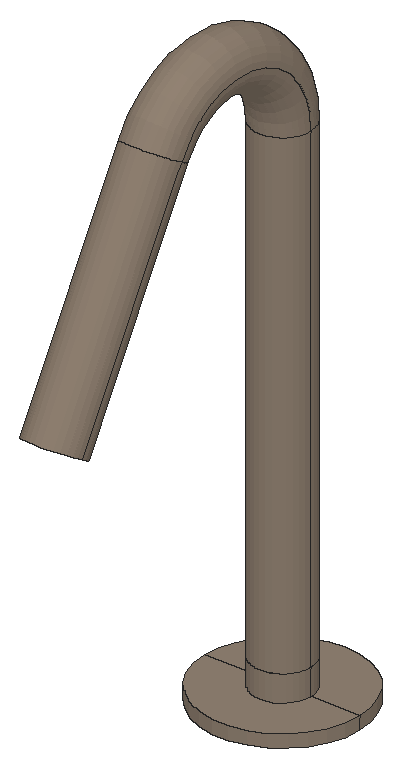
Revit family "Reece_Tap_Milli_Pure_Basin Outlet_Hob Mount_110 mm", category Plumbing Fixtures, host Face, Revit 2018
Family settings
  Host = Face
  Round Connector Dimension = Use Diameter
  Part Type = Normal
  Cut with Voids When Loaded = No
  Shared = Yes
  Room Calculation Point = Yes
Parameters (values of type "PVD Brushed Bronze")
  WFU = 0  # constant formula
  URL = "https://www.reece.com.au/product/-9511144"
  Type Comments = "Tap"
  Reece_Tap_Reach = 110 mm  # constant formula
  Reece_Tap_Inlet = 15 mm  # constant formula
  Reece_Tap_Clearance = 135 mm  # constant formula
  Reece_Product_Web Page = "https://www.reece.com.au/product/-9511144"
  Reece_Product_Type = "Tap"  # constant formula
  Reece_Product_Sub Brand = "Pure"  # constant formula
  Reece_Product_Number = "9511144"
  Reece_Product_Mount = "Hob Mounted"
  Reece_Product_Description = "Milli Pure Basin Outlet PVD Brushed Bronze (5 Star)"
  Reece_Product_Brand = "Milli"  # constant formula
  Reece_Overall_Length = 149.5 mm  # constant formula
  Reece_Overall_Height = 245 mm  # constant formula
  Reece_Material-Main = Reece_PVD_Brushed Bronze
  Reece_Detail_Shape = ""
  Reece_Detail_Disclaimer = "THIS FILE IS THE PROPERTY OF THE REECE GROUP. IT MAY NOT BE REPRODUCED, REVERSE-ENGINEERED OR MODIFIED. ANY REPUBLICATION, TRANSMISSION OR DISTRIBUTION FOR THE PURPOSE OF COMMERCIALLY EXPLOITING THE FILES IS PROHIBITED."  # constant formula
  Reece_Detail_Connector = ""
  Reece_Detail_Additional = ""
  Model = "Pure"
  Manufacturer = "Milli"
  Keynote = "Product #9511144, Reece_Tap_Milli_Pure_Basin Outlet_Hob Mount_110 mm - PVD Brushed Bronze"
  HWFU = 0  # constant formula
  Disclaimer = "THIS FILE IS THE PROPERTY OF THE REECE GROUP. IT MAY NOT BE REPRODUCED, REVERSE-ENGINEERED OR MODIFIED. ANY REPUBLICATION, TRANSMISSION OR DISTRIBUTION FOR THE PURPOSE OF COMMERCIALLY EXPLOITING THE FILES IS PROHIBITED."  # constant formula
  Description = "Milli Pure Basin Outlet PVD Brushed Bronze (5 Star)"
  Default Elevation = 1000 mm
  CWFU = 0  # constant formula
Types (6, lengths in mm): name | URL | Reece_Product_Web Page | Reece_Product_Number | Reece_Product_Description | Reece_Material-Main | Keynote | Description
  (no name) | "https://www.reece.com.au/product/-2284183" | "https://www.reece.com.au/product/-2284183" | "2284183" | "Milli Pure Basin Outlet Brushed Gunmetal (5 Star)" | Reece_Brass_Brushed Gunmetal | "Product #2284183, Reece_Tap_Milli_Pure_Basin Outlet_Hob Mount_110 mm -  " | "Milli Pure Basin Outlet Brushed Gunmetal (5 Star)"
  Brushed Gunmetal | "https://www.reece.com.au/product/-2284183" | "https://www.reece.com.au/product/-2284183" | "2284183" | "Milli Pure Basin Outlet Brushed Gunmetal (5 Star)" | Reece_Brass_Brushed Gunmetal | "Product #2284183, Reece_Tap_Milli_Pure_Basin Outlet_Hob Mount_110 mm - Brushed Gunmetal" | "Milli Pure Basin Outlet Brushed Gunmetal (5 Star)"
  Chrome | "https://www.reece.com.au/product/-2284170" | "https://www.reece.com.au/product/-2284170" | "2284170" | "Milli Pure Basin Outlet Chrome (5 Star)" | Reece_Brass_Chrome | "Product #2284170, Reece_Tap_Milli_Pure_Basin Outlet_Hob Mount_110 mm - Chrome" | "Milli Pure Basin Outlet Chrome (5 Star)"
  Matte Black | "https://www.reece.com.au/product/-2284177" | "https://www.reece.com.au/product/-2284177" | "2284177" | "Milli Pure Basin Outlet Matte Black (5 Star)" | Reece_Brass_Matte Black | "Product #2284177, Reece_Tap_Milli_Pure_Basin Outlet_Hob Mount_110 mm - Matte Black" | "Milli Pure Basin Outlet Matte Black (5 Star)"
  PVD Brushed Bronze | "https://www.reece.com.au/product/-9511144" | "https://www.reece.com.au/product/-9511144" | "9511144" | "Milli Pure Basin Outlet PVD Brushed Bronze (5 Star)" | Reece_PVD_Brushed Bronze | "Product #9511144, Reece_Tap_Milli_Pure_Basin Outlet_Hob Mount_110 mm - PVD Brushed Bronze" | "Milli Pure Basin Outlet PVD Brushed Bronze (5 Star)"
  PVD Brushed Gold | "https://www.reece.com.au/product/-9510959" | "https://www.reece.com.au/product/-9510959" | "9510959" | "Milli Pure Basin Outlet PVD Brushed Gold (5 Star)" | Reece_PVD_Brushed Gold | "Product #9510959, Reece_Tap_Milli_Pure_Basin Outlet_Hob Mount_110 mm - PVD Brushed Gold" | "Milli Pure Basin Outlet PVD Brushed Gold (5 Star)"
Reference planes
  plane 1 "Center (Front/Back)": y = 0
  plane 2 "Bottom": z = 0
  plane 3 "Center (Left/Right)": x = 0
  plane 4 "Top": z = 245
  plane 5: y = -110
  plane 6: z = 135
  plane 7: y = 30
  plane 8: y = -119.5
  plane 9: through (0, -110, 135) normal (0, 0.866, -0.5)
Forms (mm)
  Extrusion 1, void
    sketch origin (0, 0, 0) x (1, 0, 0) y (0, 1, 0)
      loop
        circle (0, 0) r 18.5
    from -40 to 0
  Revolve 2, solid, material "Reece_PVD_Brushed Bronze" <- "Reece_Material-Main"
    sketch origin (3.5, 0, 0) x (-1, 0, 0) y (0, 0, 1)
      loop
        line (-26.5, 5) -> (-26.5, 0) -> (3.5, 0) -> (3.5, 5) -> (-26.5, 5)
      axis (3.5, 5) -> (3.5, 0)
    angle from 0 to 360
  Sweep 3, solid, material "Reece_PVD_Brushed Bronze" <- "Reece_Material-Main"
    path origin (0, 0, 0) x (0, 1, 0) y (0, 0, 1)
      loop
        line (-110, 135) -> (-62.512, 217.252)
        arc (-62.512, 217.252) -> (-24.83, 232.86) -> (0, 200.502) r 33.5
        line (0, 200.502) -> (0, 15.069)
    profile origin (0, 0, 107.785) x (1, 0, 0) y (0, 1, 0)
      loop
        circle (0, 0) r 11
  Revolve 4, void
    sketch origin (0, -1.709, -28.285) x (0, 0.984808, -0.173648) y (0, 0.173648, 0.984808)
      loop
        line (-125.684, 141.282) -> (-134.141, 144.361) -> (-135.293, 141.194) -> (-126.836, 138.116) -> (-125.684, 141.282)
      axis (-134.141, 144.361) -> (-135.293, 141.194)
    angle from 0 to 360
  Sweep 5, solid, material "Reece_PVD_Brushed Bronze" <- "Reece_Material-Main"
    path origin (0, 0, 0) x (0, 1, 0) y (0, 0, 1)
      loop
        line (0, 15) -> (0, 5)
    profile origin (0, 0, 10) x (1, 0, 0) y (0, 1, 0)
      loop
        circle (0, 0) r 11
Cuts and joins
  Revolve 4 cuts Sweep 3
Text (mm)
  text "Reece Copyright © 2018, Reece Ltd." at (-1403.988, -1192.393, 0), in view "Ref. Level"
  text "Reece ©" at (44.384, 258.95, 192.345), in view "Reece Preview"
Dimensions and locks
  Revolve 2 sketch curve to Revolve 2 sketch curve = 30 mm
  "Reece_Overall_Height": plane 4 "Top" to plane 2 "Bottom"
  "Reece_Tap_Clearance": plane 6 to plane 2 "Bottom"
  "Reece_Tap_Reach": plane 1 "Center (Front/Back)" to plane 5
  "Reece_Overall_Length": plane 7 to plane 8
  angle plane 9 to plane 5 = 30.00°
  aligned and locked: plane 2 "Bottom" to host face
  aligned and locked: level to host face
Automatic sketch dimensions
  host sketch curve to host sketch curve = 380.785 mm
  host sketch curve to host sketch curve = 317.421 mm
  Extrusion 1 sketch curve to Extrusion 1 sketch curve = 0 mm  (x2)
  Extrusion 1 sketch curve to plane 3 "Center (Left/Right)" = 0 mm
  plane 1 "Center (Front/Back)" to Extrusion 1 sketch curve = 0 mm
  plane 1 "Center (Front/Back)" to Extrusion 1 sketch curve = 18.5 mm
  Sweep 3 sketch curve to plane 3 "Center (Left/Right)" = 0 mm
  profile plane to Sweep 3 sketch curve = 0 mm
  Revolve 2 sketch curve to level = 0 mm
  Revolve 2 sketch curve to plane 3 "Center (Left/Right)" = 0 mm  (x2)
  Revolve 2 sketch curve to level = 340.81 mm
  plane 4 "Top" to Revolve 2 sketch curve = 2048.37 mm
  plane 9 to Revolve 4 sketch curve = 0 mm  (x4)
  plane 5 to Revolve 4 sketch curve = 0.429 mm
  Revolve 4 sketch curve to Revolve 4 sketch curve = 1.153 mm
  Revolve 4 sketch curve to Revolve 4 sketch curve = 8.457 mm
  Revolve 4 sketch curve to Revolve 4 sketch curve = 7.036 mm
  Revolve 4 sketch curve to Revolve 4 sketch curve = 21.517 mm
  Sweep 5 sketch curve to plane 3 "Center (Left/Right)" = 0 mm
  profile plane to Sweep 5 sketch curve = 0 mm
  Sweep 5 sketch curve to plane 1 "Center (Front/Back)" = 0 mm
  level to Sweep 5 sketch curve = 5 mm
  Sweep 5 sketch curve to Sweep 5 sketch curve = 10 mm
  Sweep 3 sketch curve to plane 5 = 0 mm
  plane 9 to Sweep 3 sketch curve = 0 mm
  Sweep 3 sketch curve to plane 1 "Center (Front/Back)" = 0 mm
  Sweep 3 sketch curve to plane 6 = 0 mm
  Sweep 3 sketch curve to plane 4 "Top" = 27.748 mm
  plane 1 "Center (Front/Back)" to Sweep 3 sketch curve = 33.5 mm
  level to Sweep 3 sketch curve = 15.069 mm
  level to Revolve 2 sketch curve = 5 mm
  radius of Sweep 3 sketch curve = 11 mm
  radius of Sweep 5 sketch curve = 11 mm
Connectors
  piping at (0, 0, 0), diameter 15, driven by "Reece_Tap_Inlet"
    settings: on host face, index 1, connector inside diameter 609.6 mm, connector length 0 mm, flow factor 0, pipe flow 0.0 L/s, pressure drop 0.0 Pa, fitting loss kfactor 0, connector angle 0.00°, fixture units 0, engagement length 0 mm, angle of deflection 0.00°, flow configuration 0, flow direction 1, fitting loss method 0, system type 29, joint type 0, gender type 0, connector reference index -1, connector utility 0, adjustable connector no, is connector primary yes, connector description ""
